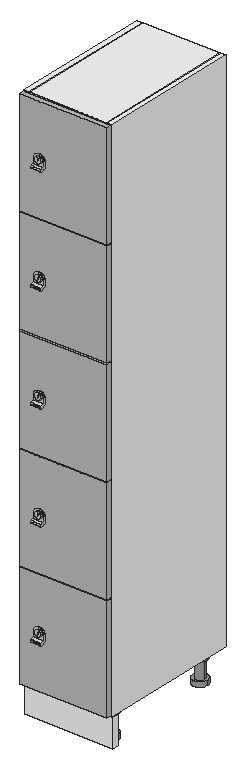
Revit family "1900H Locker Standard 5 Door", category Casework, Revit 2016
Family settings
  OmniClass Number = 23.40.35.00
  OmniClass Title = Casework
  Work Plane-Based = No
  Always vertical = Yes
  Cut with Voids When Loaded = No
  Shared = No
  Room Calculation Point = No
Parameters (values of type "LW319S5ABNP")
  WarrantyGuarantorParts = "www.bisley.com"  # constant formula
  WarrantyGuarantorLabour = "www.bisley.com"  # constant formula
  WarrantyDurationUnit = "Years"  # constant formula
  WarrantyDurationParts = "5"  # constant formula
  WarrantyDurationLabour = "5"  # constant formula
  WarrantyDescription = "5 Years Parts & Labour"  # constant formula
  Uniclass2015Version = "3.1"  # constant formula
  Uniclass2015Title = "Lockers"  # constant formula
  Uniclass2015Code = "Pr_40_30_78_48"  # constant formula
  URL = "www.bisley.com"
  SustainabilityPerformance = "FSC Approved"  # constant formula
  SerialNumber = ""
  NominalWidth = Width  # 300 mm
  NominalLength = Depth  # 500 mm
  NominalHeight = Height  # 1900 mm
  Name = "1900H Standard Door"  # constant formula
  NBSReference = "45-35-80/380"  # constant formula
  NBSDescription = "General fittings, furnishings and equipment system"  # constant formula
  ModelReference = "LW319S5ABNP"
  Model = "Lockerwall"  # constant formula
  Material = "MFC"  # constant formula
  ManufacturerURL = "www.bisley.com"  # constant formula
  Manufacturer = "Bisley"  # constant formula
  ManufactureName = "Bisley"  # constant formula
  M3 Lock = no
  Foot [instance] = Foot 100 : Foot 100
  Finish = "Matt"  # constant formula
  E4 Lock = no
  DurationUnit = "Years"  # constant formula
  Depth = 500 mm
  Height = 1900 mm
  Width = 300 mm
  Carcass Material = "MFC"  # constant formula
  Author = "Bisley"  # constant formula
  AssetType = "Fixed"  # constant formula
  AB Lock = yes
Types (19, lengths in mm): name | NominalWidth | ModelReference | M3 Lock | E4 Lock | Width | AB Lock
  (no name) | 300 | "LW319S5ABNP" | no | no | 300 | yes
  LW319S5ABNP | 300 | "LW319S5ABNP" | no | no | 300 | yes
  LW319S5ABUK | 300 | "LW319S5ABUK" | no | no | 300 | yes
  LW319S5E4NP | 300 | "LW319S5E4NP" | no | yes | 300 | no
  LW319S5E4UK | 300 | "LW319S5E4UK" | no | yes | 300 | no
  LW319S5M3NP | 300 | "LW319S5M3NP" | yes | no | 300 | no
  LW319S5M3UK | 300 | "LW319S5M3UK" | yes | no | 300 | no
  LW419S5ABNP | 400 | "LW419S5ABNP" | no | no | 400 | yes
  LW419S5ABUK | 400 | "LW419S5ABUK" | no | no | 400 | yes
  LW419S5E4NP | 400 | "LW419S5E4NP" | no | yes | 400 | no
  LW419S5E4UK | 400 | "LW419S5E4UK" | no | yes | 400 | no
  LW419S5M3NP | 400 | "LW419S5M3NP" | yes | no | 400 | no
  LW419S5M3UK | 400 | "LW419S5M3UK" | yes | no | 400 | no
  LW519S5ABNP | 500 | "LW519S5ABNP" | no | no | 500 | yes
  LW519S5ABUK | 500 | "LW519S5ABUK" | no | no | 500 | yes
  LW519S5E4NP | 500 | "LW519S5E4NP" | no | yes | 500 | no
  LW519S5E4UK | 500 | "LW519S5E4UK" | no | yes | 500 | no
  LW519S5M3NP | 500 | "LW519S5M3NP" | yes | no | 500 | no
  LW519S5M3UK | 500 | "LW519S5M3UK" | yes | no | 500 | no
Reference planes
  plane 1 "Back": y = 0
  plane 2: z = 0
  plane 3 "Center (Left/Right)": x = 44.7
  plane 4 "Front": y = -500
  plane 5 "Left": x = -105.3
  plane 6 "Right": x = 194.7
  plane 7 "Top": z = 1900
  plane 8 "Base": z = 98
  plane 9 "Base Left": x = -87.3
  plane 10 "Base Right": x = 176.7
  plane 11: y = -482
  plane 12: y = -10.5
  plane 13: y = -29.5
  plane 14 "Back Base": z = 110.5
  plane 15: z = 1887.5
  plane 16: z = 95
  plane 17 "Plinth": y = -477
  plane 18: y = -459
  plane 19: z = 101
  plane 20: z = 457
  plane 21: z = 461
  plane 22: z = 817
  plane 23: z = 821
  plane 24: z = 1177
  plane 25: x = -103.3
  plane 26: x = 192.7
  plane 27 "Shelf 2": z = 810
  plane 28 "Shelf 1": z = 450
  plane 29 "Shelf 3": z = 1170
  plane 30: z = 1181
  plane 31: z = 1537
  plane 32: z = 1528
  plane 33: z = 1541
  plane 34: z = 1897
Forms (mm)
  Extrusion 1, solid, not visible
    sketch origin (-1691.73, 346.204, -12) x (1, 0, 0) y (0, 0, 1)
      loop
        line (48, 12) -> (56, 12) -> (56, 20) -> (48, 20) -> (48, 12)
    from 0 to 26
  Extrusion 2, solid, not visible
    sketch origin (-1683.73, 346.204, -12) x (-1, 0, 0) y (0, 0, -1)
      loop
        line (48, -12) -> (48, -20) -> (56, -20) -> (56, -12) -> (48, -12)
    from 0 to 26
  Extrusion 3, solid, not visible
    sketch origin (-1687.73, 350.204, -3.997) x (0, 1, 0) y (0, 0, 1)
      loop
        line (-26, 3.997) -> (-26, 11.997) -> (-34, 11.997) -> (-34, 3.997) -> (-26, 3.997)
    from -52 to 52
  Extrusion 4, solid, material "MFC 1"
    sketch origin (0, 0, 0) x (1, 0, 0) y (0, 1, 0)
      loop
        line (-105.3, -482) -> (-87.3, -482) -> (-87.3, 0) -> (-105.3, 0) -> (-105.3, -482)
    from 98 to 1900
  Extrusion 5, solid, material "MFC 1"
    sketch origin (0, 0, 98) x (-1, 0, 0) y (0, -1, 0)
      loop
        line (-176.7, 482) -> (-194.7, 482) -> (-194.7, 0) -> (-176.7, 0) -> (-176.7, 482)
    from 0 to 1802
  Extrusion 6, solid, material "MFC 1"
    sketch origin (0, 0, 98) x (-1, 0, 0) y (0, -1, 0)
      loop
        line (87.3, 482) -> (-176.7, 482) -> (-176.7, 0) -> (87.3, 0) -> (87.3, 482)
    from 0 to 18
  Extrusion 7, void
    sketch origin (176.7, 0, 0) x (0, 1, 0) y (0, 0, 1)
      loop
        line (-29.5, 110.5) -> (-10.5, 110.5) -> (-10.5, 116) -> (-29.5, 116) -> (-29.5, 110.5)
    from 0 to -264
  Extrusion 8, solid, material "MFC 1"
    sketch origin (0, 0, 1540) x (0, -1, 0) y (1, 0, 0)
      loop
        line (482, -87.3) -> (482, 176.7) -> (0, 176.7) -> (0, -87.3) -> (482, -87.3)
    from 360 to 342
  Extrusion 9, void
    sketch origin (176.7, 0, 0) x (0, 1, 0) y (0, 0, 1)
      loop
        line (-29.5, 1884.5) -> (-10.5, 1884.5) -> (-10.5, 1887.5) -> (-29.5, 1887.5) -> (-29.5, 1884.5)
    from 0 to -264
  Extrusion 10, solid, material "MFC 1"
    sketch origin (0, 0, 110.5) x (0, -1, 0) y (1, 0, 0)
      loop
        line (29.5, -87.3) -> (29.5, 176.7) -> (10.5, 176.7) -> (10.5, -87.3) -> (29.5, -87.3)
    from 0 to 1777
  Extrusion 11, solid, material "MFC 1"
    sketch origin (0, 0, 0) x (1, 0, 0) y (0, 1, 0)
      loop
        line (-105.3, -477) -> (194.7, -477) -> (194.7, -459) -> (-105.3, -459) -> (-105.3, -477)
    from 0 to 95
  Extrusion 12, solid, material "MFC 2"
    sketch origin (0, -500, 0) x (1, 0, 0) y (0, 0, 1)
      loop
        line (-103.3, 821) -> (192.7, 821) -> (192.7, 1177) -> (-103.3, 1177) -> (-103.3, 821)
    from 0 to -18
  Extrusion 13, solid, material "MFC 2"
    sketch origin (0, -500, 0) x (1, 0, 0) y (0, 0, 1)
      loop
        line (-103.3, 461) -> (192.7, 461) -> (192.7, 817) -> (-103.3, 817) -> (-103.3, 461)
    from 0 to -18
  Extrusion 14, solid, material "MFC 2"
    sketch origin (0, -500, 0) x (1, 0, 0) y (0, 0, 1)
      loop
        line (-103.3, 101) -> (192.7, 101) -> (192.7, 457) -> (-103.3, 457) -> (-103.3, 101)
    from 0 to -18
  Extrusion 15, solid, material "MFC 1"
    sketch origin (0, 0, 450) x (-1, 0, 0) y (0, -1, 0)
      loop
        line (87.3, 482) -> (-176.7, 482) -> (-176.7, 29.5) -> (87.3, 29.5) -> (87.3, 482)
    from 0 to 18
  Extrusion 16, solid, material "MFC 1"
    sketch origin (0, 0, 810) x (-1, 0, 0) y (0, -1, 0)
      loop
        line (87.3, 482) -> (-176.7, 482) -> (-176.7, 29.5) -> (87.3, 29.5) -> (87.3, 482)
    from 0 to 18
  Extrusion 17, solid, material "MFC 1"
    sketch origin (0, 0, 1170) x (-1, 0, 0) y (0, -1, 0)
      loop
        line (87.3, 482) -> (-176.7, 482) -> (-176.7, 29.5) -> (87.3, 29.5) -> (87.3, 482)
    from 0 to 18
  Extrusion 18, solid, material "MFC 2"
    sketch origin (0, -500, 0) x (1, 0, 0) y (0, 0, 1)
      loop
        line (-103.3, 1181) -> (192.7, 1181) -> (192.7, 1537) -> (-103.3, 1537) -> (-103.3, 1181)
    from 0 to -18
  Extrusion 19, solid, material "MFC 1"
    sketch origin (0, 0, 1528) x (-1, 0, 0) y (0, -1, 0)
      loop
        line (87.3, 482) -> (-176.7, 482) -> (-176.7, 29.5) -> (87.3, 29.5) -> (87.3, 482)
    from 0 to 18
  Extrusion 20, solid, material "MFC 2"
    sketch origin (0, -500, 360) x (1, 0, 0) y (0, 0, 1)
      loop
        line (-103.3, 1181) -> (192.7, 1181) -> (192.7, 1537) -> (-103.3, 1537) -> (-103.3, 1181)
    from 0 to -18
Cuts and joins
  Extrusion 7, Extrusion 9 cuts Extrusion 5
  Extrusion 7 cuts Extrusion 6
  Extrusion 9 cuts Extrusion 4
  Extrusion 9 cuts Extrusion 8
Dimensions and locks
  "Width": plane 6 "Right" to plane 5 "Left"
  equal spacing: plane 6 "Right", plane 3 "Center (Left/Right)", plane 5 "Left"
  "Depth": plane 4 "Front" to plane 1 "Back"
  "Height": level to plane 7 "Top"
  locked: plane 5 "Left" to plane 9 "Base Left" at 18
  locked: plane 10 "Base Right" to plane 6 "Right" at 18
  locked: plane 7 "Top" to plane 15 at 12.5
  Extrusion 10 to plane 1 "Back" = 10.5 mm
  locked: nested 1 to plane 6 "Right" at 68
  locked: nested 2 to plane 6 "Right" at 68
  locked: plane 1 "Back" to nested 3 at 79.5
  locked: plane 11 to plane 4 "Front" at 18
  locked: plane 17 "Plinth" to plane 4 "Front" at 23
  locked: plane 18 to plane 4 "Front" at 41
  locked: nested 1 to plane 4 "Front" at 91
  locked: plane 5 "Left" to nested 4 at 68
  locked: plane 5 "Left" to nested 3 at 68
  locked: plane 4 "Front" to nested 4 at 91
  locked: plane 6 "Right" to plane 26 at 2
  locked: plane 25 to plane 5 "Left" at 2
  locked: plane 5 "Left" to nested 7 at 51
  locked: plane 5 "Left" to nested 6 at 51
  locked: plane 5 "Left" to nested 5 at 51
  locked: plane 5 "Left" to nested 10 at 40.5
  locked: plane 5 "Left" to nested 9 at 40.5
  locked: plane 5 "Left" to nested 8 at 40.5
  locked: plane 5 "Left" to nested 13 at 54.3
  locked: plane 5 "Left" to nested 12 at 54.3
  locked: plane 5 "Left" to nested 11 at 54.3
  locked: plane 5 "Left" to nested 16 at 40.5
  locked: plane 5 "Left" to nested 14 at 51
  locked: plane 5 "Left" to nested 15 at 54.3
  locked: plane 5 "Left" to nested 19 at 40.5
  locked: plane 5 "Left" to nested 17 at 51
  locked: plane 5 "Left" to nested 18 at 54.3
  aligned and locked: level to plane 2
  aligned and locked: Extrusion 4 sketch curve to plane 11
  aligned and locked: Extrusion 4 sketch curve to plane 5 "Left"
  aligned and locked: Extrusion 4 sketch curve to plane 1 "Back"
  aligned and locked: plane 9 "Base Left" to Extrusion 4 sketch curve
  aligned and locked: Extrusion 4 to plane 8 "Base"
  aligned and locked: Extrusion 4 to plane 7 "Top"
  aligned and locked: Extrusion 5 sketch curve to plane 11
  aligned and locked: Extrusion 5 sketch curve to plane 10 "Base Right"
  aligned and locked: Extrusion 5 sketch curve to plane 1 "Back"
  aligned and locked: plane 6 "Right" to Extrusion 5 sketch curve
  aligned and locked: Extrusion 5 to plane 7 "Top"
  aligned and locked: Extrusion 5 to plane 8 "Base"
  aligned and locked: Extrusion 4 to Extrusion 6 sketch curve
  aligned and locked: Extrusion 6 sketch curve to Extrusion 4
  aligned and locked: Extrusion 5 to Extrusion 6 sketch curve
  aligned and locked: Extrusion 6 sketch curve to Extrusion 5
  aligned and locked: plane 6 "Right" to Extrusion 5
  aligned and locked: Extrusion 7 to plane 9 "Base Left"
  aligned and locked: plane 10 "Base Right" to Extrusion 7
  aligned and locked: Extrusion 8 sketch curve to cut or joined group of Extrusion 6, Extrusion 7  (x2)
  aligned and locked: Extrusion 8 sketch curve to Extrusion 4
  aligned and locked: Extrusion 8 sketch curve to cut or joined group of Extrusion 5, Extrusion 7, Extrusion 9
  aligned and locked: plane 15 to Extrusion 9 sketch curve
  aligned and locked: Extrusion 10 sketch curve to cut or joined group of Extrusion 6, Extrusion 7  (x2)
  aligned and locked: cut or joined group of Extrusion 6, Extrusion 7 to Extrusion 10 sketch curve  (x2)
  aligned and locked: Extrusion 10 to plane 14 "Back Base"
  aligned and locked: plane 15 to Extrusion 10
  aligned and locked: Extrusion 9 to plane 9 "Base Left"
  aligned and locked: Extrusion 11 sketch curve to plane 17 "Plinth"
  aligned and locked: Extrusion 11 sketch curve to plane 5 "Left"
  aligned and locked: plane 18 to Extrusion 11 sketch curve
  aligned and locked: plane 6 "Right" to Extrusion 11 sketch curve
  aligned and locked: Extrusion 11 to plane 5 "Left"
  aligned and locked: plane 6 "Right" to Extrusion 11
  aligned and locked: Extrusion 5 to plane 11
  aligned and locked: Extrusion 4 to plane 11
  aligned and locked: Extrusion 12 to plane 25
  aligned and locked: plane 26 to Extrusion 12
  aligned and locked: Extrusion 12 to plane 23
  aligned and locked: plane 24 to Extrusion 12
  aligned and locked: Extrusion 13 sketch curve to plane 21
  aligned and locked: Extrusion 13 sketch curve to plane 25
  aligned and locked: plane 22 to Extrusion 13 sketch curve
  aligned and locked: plane 26 to Extrusion 13 sketch curve
  aligned and locked: Extrusion 14 sketch curve to plane 19
  aligned and locked: Extrusion 14 sketch curve to plane 25
  aligned and locked: plane 20 to Extrusion 14 sketch curve
  aligned and locked: plane 26 to Extrusion 14 sketch curve
  aligned and locked: Extrusion 15 sketch curve to cut or joined group of Extrusion 6, Extrusion 7  (x2)
  aligned and locked: cut or joined group of Extrusion 6, Extrusion 7 to Extrusion 15 sketch curve
  aligned and locked: nested 2 to Extrusion 15 sketch curve
  aligned and locked: Extrusion 16 sketch curve to cut or joined group of Extrusion 6, Extrusion 7  (x2)
  aligned and locked: cut or joined group of Extrusion 6, Extrusion 7 to Extrusion 16 sketch curve
  aligned and locked: nested 2 to Extrusion 16 sketch curve
  aligned and locked: Extrusion 8 to plane 7 "Top"
  aligned and locked: Extrusion 17 sketch curve to cut or joined group of Extrusion 6, Extrusion 7  (x2)
  aligned and locked: cut or joined group of Extrusion 6, Extrusion 7 to Extrusion 17 sketch curve
  aligned and locked: nested 2 to Extrusion 17 sketch curve
  aligned and locked: Extrusion 18 sketch curve to plane 30
  aligned and locked: Extrusion 18 sketch curve to plane 25
  aligned and locked: plane 31 to Extrusion 18 sketch curve
  aligned and locked: plane 26 to Extrusion 18 sketch curve
  aligned and locked: cut or joined group of Extrusion 5, Extrusion 7, Extrusion 9 to Extrusion 8
  aligned and locked: Extrusion 20 sketch curve to plane 33
  aligned and locked: plane 34 to Extrusion 20 sketch curve
Automatic sketch dimensions
  Extrusion 1 sketch curve to Extrusion 1 sketch curve = 8 mm  (x2)
  Extrusion 2 sketch curve to Extrusion 2 sketch curve = 8 mm  (x2)
  Extrusion 3 sketch curve to Extrusion 3 sketch curve = 8 mm  (x2)
  Extrusion 7 sketch curve to plane 13 = 0 mm
  Extrusion 7 sketch curve to plane 12 = 0 mm
  Extrusion 7 sketch curve to plane 14 "Back Base" = 0 mm
  Extrusion 7 sketch curve to Extrusion 7 sketch curve = 5.5 mm
  Extrusion 9 sketch curve to plane 13 = 0 mm
  Extrusion 9 sketch curve to plane 12 = 0 mm
  Extrusion 9 sketch curve to plane 15 = 3 mm
  Extrusion 12 sketch curve to plane 24 = 0 mm
  Extrusion 12 sketch curve to plane 25 = 0 mm
  Extrusion 12 sketch curve to plane 26 = 0 mm
  Extrusion 12 sketch curve to plane 23 = 0 mm
  Extrusion 19 sketch curve to plane 10 "Base Right" = 0 mm
  Extrusion 19 sketch curve to plane 9 "Base Left" = 0 mm
  Extrusion 19 sketch curve to plane 13 = 0 mm
  Extrusion 19 sketch curve to plane 11 = 0 mm
  Extrusion 20 sketch curve to plane 25 = 0 mm
  Extrusion 20 sketch curve to plane 26 = 0 mm
Nested families
  nested 1: "Foot 100" at (196.401, -409, 0) x (-1, 0, 0) z (0, 0, 1), type "Foot 100"
  nested 2: "Foot 100" at (196.401, -29.5, 0) x (-1, 0, 0) z (0, 0, 1), type "Foot 100"
  nested 3: "Foot 100" at (-107, -29.5, 0), type "Foot 100"
  nested 4: "Foot 100" at (-107, -409, 0), type "Foot 100"
  nested 5: "AB Lock" at (-82, -500, 253), visible <- "AB Lock", type "AB Lock"
  nested 6: "AB Lock" at (-82, -500, 613), visible <- "AB Lock", type "AB Lock"
  nested 7: "AB Lock" at (-82, -500, 973), visible <- "AB Lock", type "AB Lock"
  nested 8: "M3 Lock" at (-93, -500, 256), visible <- "M3 Lock", type "M3 Lock"
  nested 9: "M3 Lock" at (-93, -500, 616), visible <- "M3 Lock", type "M3 Lock"
  nested 10: "M3 Lock" at (-93, -500, 976), visible <- "M3 Lock", type "M3 Lock"
  nested 11: "E4 Lock" at (-83, -500, 265), visible <- "E4 Lock", type "E4 Lock"
  nested 12: "E4 Lock" at (-83, -500, 625), visible <- "E4 Lock", type "E4 Lock"
  nested 13: "E4 Lock" at (-83, -500, 985), visible <- "E4 Lock", type "E4 Lock"
  nested 14: "AB Lock" at (-82, -500, 1333), visible <- "AB Lock", type "AB Lock"
  nested 15: "E4 Lock" at (-83, -500, 1345), visible <- "E4 Lock", type "E4 Lock"
  nested 16: "M3 Lock" at (-93, -500, 1336), visible <- "M3 Lock", type "M3 Lock"
  nested 17: "AB Lock" at (-82, -500, 1693), visible <- "AB Lock", type "AB Lock"
  nested 18: "E4 Lock" at (-83, -500, 1705), visible <- "E4 Lock", type "E4 Lock"
  nested 19: "M3 Lock" at (-93, -500, 1696), visible <- "M3 Lock", type "M3 Lock"
Definition of nested family "Foot 100"
  Parameters (values of type "Foot 100")
    WarrantyGuarantorParts = "www.bisley.com"  # constant formula
    WarrantyGuarantorLabour = "www.bisley.com"  # constant formula
    WarrantyDurationUnit = "Years"  # constant formula
    WarrantyDurationParts = "5"  # constant formula
    WarrantyDurationLabour = "5"  # constant formula
    WarrantyDescription = "5 Years Parts & Labour"  # constant formula
    Uniclass2015Version = ""
    Uniclass2015Title = ""
    Uniclass2015Code = ""
    URL = "www.bisley.com"
    SustainabilityPerformance = "FSC Approved"  # constant formula
    SerialNumber = ""
    NominalWidth = Width  # 50 mm
    NominalLength = Depth  # 50 mm
    NominalHeight = Height  # 900 mm
    Name = ""
    NBSReference = ""
    NBSDescription = "General fittings, furnishings and equipment system"  # constant formula
    ModelReference = ""
    Model = "Abode"  # constant formula
    Material = "MFC"  # constant formula
    ManufacturerURL = "www.bisley.com"  # constant formula
    Manufacturer = "Bisley"  # constant formula
    ManufactureName = "Bisley"  # constant formula
    Finish = "Matt"  # constant formula
    ExpectedLife = "25"  # constant formula
    DurationUnit = "Years"  # constant formula
    Depth = 50 mm
    Height = 900 mm
    Width = 50 mm
    Carcass Material = "MFC"  # constant formula
    Author = "Bisley"  # constant formula
    AssetType = "Fixed"  # constant formula
  Reference planes
    plane 1 "Back": y = 0
    plane 2: z = 0
    plane 3 "Center (Left/Right)": x = 44.7
    plane 4 "Front": y = -50
    plane 5 "Left": x = 19.7
    plane 6 "Right": x = 69.7
    plane 7 "Top": z = 900
    plane 8: y = -25
    plane 9 "Foot top": z = 98
    plane 10: y = 0
    plane 11: y = -50
    plane 12: x = 19.7
    plane 13: x = 69.7
    plane 14: x = 24.7
    plane 15: y = -5
  Forms (mm)
    Extrusion 1, solid, not visible
      sketch origin (-1691.73, 346.204, -12) x (1, 0, 0) y (0, 0, 1)
        loop
          line (48, 12) -> (56, 12) -> (56, 20) -> (48, 20) -> (48, 12)
      from 0 to 26
    Extrusion 2, solid, not visible
      sketch origin (-1683.73, 346.204, -12) x (-1, 0, 0) y (0, 0, -1)
        loop
          line (48, -12) -> (48, -20) -> (56, -20) -> (56, -12) -> (48, -12)
      from 0 to 26
    Extrusion 3, solid, not visible
      sketch origin (-1687.73, 350.204, -3.997) x (0, 1, 0) y (0, 0, 1)
        loop
          line (-26, 3.997) -> (-26, 11.997) -> (-34, 11.997) -> (-34, 3.997) -> (-26, 3.997)
      from -52 to 52
    Extrusion 4, solid
      sketch origin (0, 275, 0) x (1, 0, 0) y (0, 1, 0)
        loop
          circle (44.7, -300) r 25
      from 0 to 15
    Extrusion 5, solid
      sketch origin (0, 275, 0) x (1, 0, 0) y (0, 1, 0)
        loop
          circle (44.7, -300) r 15
      from 15 to 78
    Extrusion 6, solid
      sketch origin (0, 275, 0) x (1, 0, 0) y (0, 1, 0)
        loop
          circle (44.7, -300) r 25
      from 78 to 98
    Extrusion 7, solid
      sketch origin (0, 275, 98) x (-1, 0, 0) y (0, -1, 0)
        loop
          line (-19.7, 325) -> (-69.7, 325) -> (-69.7, 275) -> (-19.7, 275) -> (-19.7, 325)
      from 0 to -10
    Extrusion 8, void
      sketch origin (0, 275, 98) x (-1, 0, 0) y (0, -1, 0)
        loop
          circle (-24.7, 280) r 2.5
      from 0 to -10
    Extrusion 9, void
      sketch origin (89.401, 275, 98) x (1, 0, 0) y (0, 1, 0)
        loop
          circle (-24.7, -280) r 2.5
      from 0 to -10
    Extrusion 10, void
      sketch origin (0, -325, 98) x (-1, 0, 0) y (0, -1, 0)
        loop
          circle (-24.7, -280) r 2.5
      from 0 to -10
    Extrusion 11, void
      sketch origin (89.401, -325, 98) x (1, 0, 0) y (0, 1, 0)
        loop
          circle (-24.7, 280) r 2.5
      from 0 to -10
  Cuts and joins
    Extrusion 8, Extrusion 9, Extrusion 10, Extrusion 11 cuts Extrusion 4
    Extrusion 8, Extrusion 9, Extrusion 10, Extrusion 11 cuts Extrusion 5
    Extrusion 8, Extrusion 9, Extrusion 10, Extrusion 11 cuts Extrusion 6
    Extrusion 8, Extrusion 9, Extrusion 10, Extrusion 11 cuts Extrusion 7
    joined: Extrusion 4, Extrusion 5, Extrusion 6, Extrusion 7
  Dimensions and locks
    "Width": plane 6 "Right" to plane 5 "Left"
    equal spacing: plane 6 "Right", plane 3 "Center (Left/Right)", plane 5 "Left"
    "Depth": plane 4 "Front" to plane 1 "Back"
    "Height": level to plane 7 "Top"
    aligned and locked: level to plane 2
    aligned and locked: Extrusion 5 to Extrusion 4
    aligned and locked: Extrusion 4 to level
    aligned and locked: Extrusion 6 to Extrusion 5
    aligned and locked: plane 9 "Foot top" to Extrusion 6
  Automatic sketch dimensions
    Extrusion 1 sketch curve to Extrusion 1 sketch curve = 8 mm  (x2)
    Extrusion 2 sketch curve to Extrusion 2 sketch curve = 8 mm  (x2)
    Extrusion 3 sketch curve to Extrusion 3 sketch curve = 8 mm  (x2)
    Extrusion 4 sketch curve to plane 3 "Center (Left/Right)" = 0 mm
    plane 8 to Extrusion 4 sketch curve = 0 mm
    Extrusion 5 sketch curve to plane 3 "Center (Left/Right)" = 0 mm
    plane 8 to Extrusion 5 sketch curve = 0 mm
    Extrusion 6 sketch curve to plane 3 "Center (Left/Right)" = 0 mm
    plane 8 to Extrusion 6 sketch curve = 0 mm
    Extrusion 7 sketch curve to plane 11 = 0 mm
    Extrusion 7 sketch curve to plane 13 = 0 mm
    plane 10 to Extrusion 7 sketch curve = 0 mm
    Extrusion 7 sketch curve to plane 12 = 0 mm
    Extrusion 8 sketch curve to plane 14 = 0 mm
    Extrusion 8 sketch curve to plane 15 = 0 mm
    plane 15 to Extrusion 9 sketch curve = 0 mm
    plane 13 to Extrusion 9 sketch curve = 5 mm
    Extrusion 10 sketch curve to plane 14 = 0 mm
    Extrusion 10 sketch curve to plane 11 = 5 mm
    Extrusion 11 sketch curve to plane 13 = 5 mm
    plane 11 to Extrusion 11 sketch curve = 5 mm
    radius of Extrusion 4 sketch curve = 25 mm
    radius of Extrusion 5 sketch curve = 15 mm
    radius of Extrusion 6 sketch curve = 25 mm
    radius of Extrusion 8 sketch curve = 2.5 mm
    radius of Extrusion 9 sketch curve = 2.5 mm
    radius of Extrusion 10 sketch curve = 2.5 mm
    radius of Extrusion 11 sketch curve = 2.5 mm
Definition of nested family "AB Lock"
  Parameters (values of type "AB Lock")
    WarrantyGuarantorParts = "www.bisley.com"  # constant formula
    WarrantyGuarantorLabour = "www.bisley.com"  # constant formula
    WarrantyDurationUnit = "Years"  # constant formula
    WarrantyDurationParts = "5"  # constant formula
    WarrantyDurationLabour = "5"  # constant formula
    WarrantyDescription = "5 Years Parts & Labour"  # constant formula
    Uniclass2015Version = ""
    Uniclass2015Title = ""
    Uniclass2015Code = ""
    URL = "www.bisley.com"
    SustainabilityPerformance = "FSC Approved"  # constant formula
    SerialNumber = ""
    NominalWidth = Width  # 34 mm
    NominalLength = Depth  # 15 mm
    NominalHeight = Height  # 45 mm
    Name = ""
    NBSReference = ""
    NBSDescription = "General fittings, furnishings and equipment system"  # constant formula
    ModelReference = ""
    Model = "Abode"  # constant formula
    Material = "MFC"  # constant formula
    ManufacturerURL = "www.bisley.com"  # constant formula
    Manufacturer = "Bisley"  # constant formula
    ManufactureName = "Bisley"  # constant formula
    Finish = "Matt"  # constant formula
    ExpectedLife = "25"  # constant formula
    DurationUnit = "Years"  # constant formula
    Depth = 15 mm
    Height = 45 mm
    Width = 34 mm
    Carcass Material = "MFC"  # constant formula
    Author = "Bisley"  # constant formula
    AssetType = "Fixed"  # constant formula
  Reference planes
    plane 1 "Back": y = 0
    plane 2: z = 0
    plane 3 "Center (Left/Right)": x = 44.7
    plane 4 "Front": y = -15
    plane 5 "Left": x = 27.7
    plane 6 "Right": x = 61.7
    plane 7 "Top": z = 45
    plane 8: z = 28
    plane 9: z = 3
    plane 10: x = 31.2
    plane 11: x = 58.2
    plane 12: z = 6
    plane 13: y = -12
    plane 14: z = 10
    plane 15 "Lockback": y = -3
    plane 16: x = 43.2
    plane 17: x = 46.2
    plane 18: z = 32
    plane 19: z = 24
  Forms (mm)
    Extrusion 1, solid, not visible
      sketch origin (-1691.73, 346.204, -12) x (1, 0, 0) y (0, 0, 1)
        loop
          line (48, 12) -> (56, 12) -> (56, 20) -> (48, 20) -> (48, 12)
      from 0 to 26
    Extrusion 2, solid, not visible
      sketch origin (-1683.73, 346.204, -12) x (-1, 0, 0) y (0, 0, -1)
        loop
          line (48, -12) -> (48, -20) -> (56, -20) -> (56, -12) -> (48, -12)
      from 0 to 26
    Extrusion 3, solid, not visible
      sketch origin (-1687.73, 350.204, -3.997) x (0, 1, 0) y (0, 0, 1)
        loop
          line (-26, 3.997) -> (-26, 11.997) -> (-34, 11.997) -> (-34, 3.997) -> (-26, 3.997)
      from -52 to 52
    Extrusion 4, solid
      sketch origin (0, 0, 0) x (1, 0, 0) y (0, 0, 1)
        loop
          line (27.7, 28) -> (27.7, 6) -> (61.7, 6) -> (61.7, 28)
          arc (61.7, 28) -> (44.7, 45) -> (27.7, 28) r 17
      from 0 to 3
    Extrusion 5, solid
      sketch origin (27.7, 0, 0) x (0, 1, 0) y (0, 0, 1)
        loop
          circle (-12, 3) r 3
      from 0 to 34
    Extrusion 6, solid
      sketch origin (27.7, 0, 0) x (0, 1, 0) y (0, 0, 1)
        loop
          line (0, 6) -> (-3, 10)
          arc (-3, 10) -> (-7.815, 8.71) -> (-12, 6) r 16
          arc (-12, 6) -> (-9.879, 5.121) -> (-9, 3) r 3
          arc (-9, 3) -> (-4.809, 5.427) -> (0, 6) r 12
      from 0 to 34
    Extrusion 7, void
      sketch origin (27.7, 0, 0) x (0, 1, 0) y (0, 0, 1)
        loop
          line (-3, 10) -> (-3, 6) -> (0, 6) -> (-3, 10)
      from 0 to 34
    Extrusion 8, solid
      sketch origin (0, -3, 0) x (-1, 0, 0) y (0, 0, 1)
        loop
          circle (-44.7, 28) r 10.5
      from 0 to -3
    Extrusion 9, void
      sketch origin (0, -3, 0) x (-1, 0, 0) y (0, 0, 1)
        loop
          line (-43.2, 24) -> (-43.2, 32) -> (-46.2, 32) -> (-46.2, 24) -> (-43.2, 24)
      from 0 to -3
  Cuts and joins
    Extrusion 7, Extrusion 9 cuts Extrusion 4
    Extrusion 9 cuts Extrusion 5
    Extrusion 9 cuts Extrusion 6
    joined: Extrusion 4, Extrusion 5, Extrusion 6
    Extrusion 9 cuts Extrusion 8
  Lines and regions (mm)
    reference lines
      curve 1: arc (27.7, 0, 6) -> (27.7, -4.809, 5.427) -> (27.7, -9, 3) r 12
      curve 2: arc (27.7, -3, 10) -> (27.7, -7.815, 8.71) -> (27.7, -12, 6) r 16
  Dimensions and locks
    "Width": plane 6 "Right" to plane 5 "Left"
    equal spacing: plane 6 "Right", plane 3 "Center (Left/Right)", plane 5 "Left"
    "Depth": plane 4 "Front" to plane 1 "Back"
    "Height": level to plane 7 "Top"
    aligned and locked: level to plane 2
  Automatic sketch dimensions
    Extrusion 1 sketch curve to Extrusion 1 sketch curve = 8 mm  (x2)
    Extrusion 2 sketch curve to Extrusion 2 sketch curve = 8 mm  (x2)
    Extrusion 3 sketch curve to Extrusion 3 sketch curve = 8 mm  (x2)
    Extrusion 4 sketch curve to plane 5 "Left" = 0 mm
    Extrusion 4 sketch curve to plane 6 "Right" = 0 mm
    Extrusion 4 sketch curve to plane 12 = 0 mm
    Extrusion 4 sketch curve to plane 8 = 0 mm
    Extrusion 5 sketch curve to plane 9 = 0 mm
    Extrusion 5 sketch curve to plane 13 = 0 mm
    curve 2 to plane 12 = 0 mm
    curve 2 to plane 13 = 0 mm
    curve 1 to plane 9 = 0 mm
    plane 14 to curve 2 = 0 mm
    curve 1 to plane 1 "Back" = 0 mm
    curve 1 to plane 12 = 0 mm
    plane 1 "Back" to curve 2 = 1.317 mm
    curve 2 to curve 1 = 0.303 mm
    curve 2 to level = 5.911 mm
    curve 1 to curve 2 = 0.046 mm
    Extrusion 6 sketch curve to plane 12 = 0 mm  (x2)
    Extrusion 6 sketch curve to plane 13 = 0 mm
    Extrusion 6 sketch curve to plane 9 = 0 mm
    plane 14 to Extrusion 6 sketch curve = 0 mm
    Extrusion 6 sketch curve to plane 1 "Back" = 0 mm
    plane 1 "Back" to Extrusion 6 sketch curve = 3 mm
    plane 1 "Back" to Extrusion 6 sketch curve = 1.317 mm
    Extrusion 6 sketch curve to Extrusion 6 sketch curve = 0.303 mm
    Extrusion 7 sketch curve to plane 12 = 0 mm
    plane 14 to Extrusion 7 sketch curve = 0 mm
    Extrusion 7 sketch curve to plane 1 "Back" = 0 mm
    plane 1 "Back" to Extrusion 7 sketch curve = 3 mm
    Extrusion 8 sketch curve to plane 3 "Center (Left/Right)" = 0 mm
    Extrusion 8 sketch curve to plane 8 = 0 mm
    Extrusion 9 sketch curve to plane 17 = 0 mm
    Extrusion 9 sketch curve to plane 16 = 0 mm
    Extrusion 9 sketch curve to plane 19 = 0 mm
    Extrusion 9 sketch curve to plane 18 = 0 mm
    radius of Extrusion 5 sketch curve = 3 mm
    radius of Extrusion 8 sketch curve = 10.5 mm
Definition of nested family "M3 Lock"
  Parameters (values of type "M3 Lock")
    WarrantyGuarantorParts = "www.bisley.com"  # constant formula
    WarrantyGuarantorLabour = "www.bisley.com"  # constant formula
    WarrantyDurationUnit = "Years"  # constant formula
    WarrantyDurationParts = "5"  # constant formula
    WarrantyDurationLabour = "5"  # constant formula
    WarrantyDescription = "5 Years Parts & Labour"  # constant formula
    Uniclass2015Version = ""
    Uniclass2015Title = ""
    Uniclass2015Code = ""
    URL = "www.bisley.com"
    SustainabilityPerformance = "FSC Approved"  # constant formula
    SerialNumber = ""
    NominalWidth = Width  # 33 mm
    NominalLength = Depth  # 21.5 mm
    NominalHeight = Height  # 83.5 mm
    Name = ""
    NBSReference = ""
    NBSDescription = "General fittings, furnishings and equipment system"  # constant formula
    ModelReference = ""
    Model = "Abode"  # constant formula
    Material = "MFC"  # constant formula
    ManufacturerURL = "www.bisley.com"  # constant formula
    Manufacturer = "Bisley"  # constant formula
    ManufactureName = "Bisley"  # constant formula
    Finish = "Matt"  # constant formula
    ExpectedLife = "25"  # constant formula
    DurationUnit = "Years"  # constant formula
    Depth = 21.5 mm
    Height = 83.5 mm
    Width = 33 mm
    Carcass Material = "MFC"  # constant formula
    Author = "Bisley"  # constant formula
    AssetType = "Fixed"  # constant formula
  Reference planes
    plane 1 "Back": y = 0
    plane 2: z = 0
    plane 3 "Center (Left/Right)": x = 44.7
    plane 4 "Front": y = -21.5
    plane 5 "Left": x = 28.2
    plane 6 "Right": x = 61.2
    plane 7 "Top": z = 83.5
    plane 8 "BackFront": y = -3.045
    plane 9: x = 32.2
    plane 10: z = 79.5
    plane 11: x = 57.2
    plane 12: z = 4
    plane 13: x = 32.2
    plane 14: x = 57.2
    plane 15 "Barrel Base": z = 30.5
    plane 16: x = 40.5
    plane 17: x = 48.9
    plane 18: y = -4.445
    plane 19: z = 74.5
    plane 20 "L4": z = 69.8
    plane 21: z = 64.9
    plane 22 "L3": z = 60.2
    plane 23: z = 55.3
    plane 24 "L2": z = 50.6
    plane 25: z = 45.7
    plane 26 "L1": z = 41
    plane 27: x = 38.2
    plane 28: x = 51.2
    plane 29: y = -4.945
    plane 30: z = 40.5
    plane 31 "l-1": z = 38.5
    plane 32: z = 16
    plane 33: y = -9.045
    plane 34 "Thumbturn": y = -19.5
    plane 35: x = 43.2
    plane 36: x = 46.2
    plane 37: z = 20
    plane 38: z = 12
  Forms (mm)
    Extrusion 1, solid, not visible
      sketch origin (-1691.73, 346.204, -12) x (1, 0, 0) y (0, 0, 1)
        loop
          line (48, 12) -> (56, 12) -> (56, 20) -> (48, 20) -> (48, 12)
      from 0 to 26
    Extrusion 2, solid, not visible
      sketch origin (-1683.73, 346.204, -12) x (-1, 0, 0) y (0, 0, -1)
        loop
          line (48, -12) -> (48, -20) -> (56, -20) -> (56, -12) -> (48, -12)
      from 0 to 26
    Extrusion 3, solid, not visible
      sketch origin (-1687.73, 350.204, -3.997) x (0, 1, 0) y (0, 0, 1)
        loop
          line (-26, 3.997) -> (-26, 11.997) -> (-34, 11.997) -> (-34, 3.997) -> (-26, 3.997)
      from -52 to 52
    Extrusion 4, solid
      sketch origin (0, 0, 0) x (1, 0, 0) y (0, 0, 1)
        loop
          line (28.2, 0) -> (61.2, 0) -> (61.2, 83.5) -> (28.2, 83.5) -> (28.2, 0)
      from 0 to 3
    Extrusion 5, void
      sketch origin (0, 0, 0) x (1, 0, 0) y (0, 0, 1)
        loop
          arc (28.2, 79.5) -> (29.372, 82.328) -> (32.2, 83.5) r 4
          line (32.2, 83.5) -> (28.2, 83.5) -> (28.2, 79.5)
      from 0 to 3
    Extrusion 6, void
      sketch origin (0, 0, 0) x (1, 0, 0) y (0, 0, 1)
        loop
          arc (57.2, 83.5) -> (60.029, 82.328) -> (61.2, 79.5) r 4
          line (61.2, 79.5) -> (61.2, 83.5) -> (57.2, 83.5)
      from 0 to 3
    Extrusion 7, void
      sketch origin (0, 0, 0) x (1, 0, 0) y (0, 0, 1)
        loop
          arc (32.2, 0) -> (29.372, 1.172) -> (28.2, 4) r 4
          line (28.2, 4) -> (28.2, 0) -> (32.2, 0)
      from 0 to 3
    Extrusion 8, void
      sketch origin (0, 0, 0) x (1, 0, 0) y (0, 0, 1)
        loop
          line (57.2, 0) -> (61.2, 0) -> (61.2, 4)
          arc (61.2, 4) -> (60.029, 1.172) -> (57.2, 0) r 4
      from 0 to 3
    Extrusion 9, solid
      sketch origin (0, 0, 30.5) x (-1, 0, 0) y (0, -1, 0)
        loop
          arc (-40.5, 3) -> (-44.7, 4.445) -> (-48.9, 3) r 6.827
          line (-48.9, 3) -> (-40.5, 3)
      from 0 to 49
    Extrusion 10, solid
      sketch origin (0, 0, 41) x (-1, 0, 0) y (0, -1, 0)
        loop
          arc (-38.2, 3) -> (-44.7, 4.945) -> (-51.2, 3) r 11.835
          line (-51.2, 3) -> (-38.2, 3)
      from 0 to 4.7
    Extrusion 11, solid
      sketch origin (0, 0, 50.6) x (-1, 0, 0) y (0, -1, 0)
        loop
          arc (-38.2, 3) -> (-44.7, 4.945) -> (-51.2, 3) r 11.835
          line (-51.2, 3) -> (-38.2, 3)
      from 0 to 4.7
    Extrusion 12, solid
      sketch origin (0, 0, 60.2) x (-1, 0, 0) y (0, -1, 0)
        loop
          arc (-38.2, 3) -> (-44.7, 4.945) -> (-51.2, 3) r 11.835
          line (-51.2, 3) -> (-38.2, 3)
      from 0 to 4.7
    Extrusion 13, solid
      sketch origin (0, 0, 69.8) x (-1, 0, 0) y (0, -1, 0)
        loop
          arc (-38.2, 3) -> (-44.7, 4.945) -> (-51.2, 3) r 11.835
          line (-51.2, 3) -> (-38.2, 3)
      from 0 to 4.7
    Extrusion 14, solid
      sketch origin (0, 0, 38.5) x (-1, 0, 0) y (0, -1, 0)
        loop
          arc (-38.2, 3) -> (-44.7, 4.945) -> (-51.2, 3) r 11.835
          line (-51.2, 3) -> (-38.2, 3)
      from 0 to 2
    Extrusion 15, solid
      sketch origin (0, -3.045, 0) x (-1, 0, 0) y (0, 0, 1)
        loop
          circle (-44.7, 16) r 14.25
      from 0 to -4
    Extrusion 16, solid
      sketch origin (0, -3.045, 0) x (-1, 0, 0) y (0, 0, 1)
        loop
          circle (-44.7, 16) r 12.7
      from 0 to -18.455
    Extrusion 17, void
      sketch origin (0, -21.5, 0) x (1, 0, 0) y (0, 0, 1)
        loop
          circle (44.7, 16) r 7.362
      from 0 to -1
    Extrusion 18, solid
      sketch origin (0, -21.5, 0) x (1, 0, 0) y (0, 0, 1)
        loop
          line (40.5, 29.617) -> (40.5, 27.985)
          arc (40.5, 27.985) -> (44.7, 28.7) -> (48.9, 27.985) r 12.7
          line (48.9, 27.985) -> (48.9, 29.617)
          arc (48.9, 29.617) -> (44.7, 30.25) -> (40.5, 29.617) r 14.25
      from 0 to -14.5
    Extrusion 19, solid
      sketch origin (0, -20.483, 0) x (1, 0, 0) y (0, 0, 1)
        loop
          circle (44.7, 16) r 13.48
      from 0 to -1.5
    Extrusion 20, void
      sketch origin (0, -21.5, 0) x (1, 0, 0) y (0, 0, 1)
        loop
          line (43.2, 12) -> (46.2, 12) -> (46.2, 20) -> (43.2, 20) -> (43.2, 12)
      from 0 to -10.5
  Cuts and joins
    Extrusion 5, Extrusion 6, Extrusion 7, Extrusion 8, Extrusion 17, Extrusion 20 cuts Extrusion 4
    Extrusion 17, Extrusion 20 cuts Extrusion 9
    Extrusion 17, Extrusion 20 cuts Extrusion 10
    Extrusion 17, Extrusion 20 cuts Extrusion 11
    Extrusion 17, Extrusion 20 cuts Extrusion 12
    Extrusion 17, Extrusion 20 cuts Extrusion 13
    Extrusion 17, Extrusion 20 cuts Extrusion 14
    Extrusion 17, Extrusion 20 cuts Extrusion 15
    Extrusion 17, Extrusion 20 cuts Extrusion 16
    Extrusion 20 cuts Extrusion 18
    Extrusion 20 cuts Extrusion 19
    joined: Extrusion 4, Extrusion 9, Extrusion 10, Extrusion 11, Extrusion 12, Extrusion 13, Extrusion 14, Extrusion 15, Extrusion 16, Extrusion 18, Extrusion 19
  Dimensions and locks
    "Width": plane 6 "Right" to plane 5 "Left"
    equal spacing: plane 6 "Right", plane 3 "Center (Left/Right)", plane 5 "Left"
    "Depth": plane 4 "Front" to plane 1 "Back"
    "Height": level to plane 7 "Top"
    aligned and locked: level to plane 2
    aligned and locked: plane 10 to Extrusion 9
    aligned and locked: Extrusion 9 to plane 15 "Barrel Base"
    aligned and locked: Extrusion 4 to plane 7 "Top"
    aligned and locked: plane 6 "Right" to Extrusion 4
    aligned and locked: Extrusion 4 to plane 5 "Left"
    aligned and locked: Extrusion 4 to level
  Automatic sketch dimensions
    Extrusion 1 sketch curve to Extrusion 1 sketch curve = 8 mm  (x2)
    Extrusion 2 sketch curve to Extrusion 2 sketch curve = 8 mm  (x2)
    Extrusion 3 sketch curve to Extrusion 3 sketch curve = 8 mm  (x2)
    Extrusion 4 sketch curve to plane 5 "Left" = 0 mm
    Extrusion 4 sketch curve to plane 6 "Right" = 0 mm
    Extrusion 4 sketch curve to level = 0 mm
    Extrusion 4 sketch curve to plane 7 "Top" = 0 mm
    Extrusion 5 sketch curve to plane 7 "Top" = 0 mm
    Extrusion 5 sketch curve to plane 9 = 0 mm
    Extrusion 5 sketch curve to plane 10 = 0 mm
    Extrusion 6 sketch curve to plane 7 "Top" = 0 mm  (x2)
    Extrusion 6 sketch curve to plane 11 = 0 mm
    Extrusion 6 sketch curve to plane 6 "Right" = 0 mm
    Extrusion 6 sketch curve to plane 10 = 0 mm
    Extrusion 7 sketch curve to level = 0 mm
    Extrusion 7 sketch curve to plane 5 "Left" = 0 mm
    plane 9 to Extrusion 7 sketch curve = 0 mm  (x2)
    Extrusion 7 sketch curve to plane 12 = 0 mm
    Extrusion 8 sketch curve to level = 0 mm
    plane 11 to Extrusion 8 sketch curve = 0 mm
    Extrusion 8 sketch curve to plane 12 = 0 mm
    Extrusion 9 sketch curve to plane 17 = 0 mm
    Extrusion 9 sketch curve to plane 16 = 0 mm
    Extrusion 9 sketch curve to plane 1 "Back" = 2.382 mm
    plane 8 "BackFront" to Extrusion 9 sketch curve = 0.045 mm
    Extrusion 10 sketch curve to plane 28 = 0 mm
    Extrusion 10 sketch curve to plane 27 = 0 mm
    Extrusion 10 sketch curve to plane 1 "Back" = 6.89 mm
    plane 8 "BackFront" to Extrusion 10 sketch curve = 0.045 mm
    Extrusion 11 sketch curve to plane 28 = 0 mm
    Extrusion 11 sketch curve to plane 27 = 0 mm
    Extrusion 11 sketch curve to plane 1 "Back" = 6.89 mm
    plane 8 "BackFront" to Extrusion 11 sketch curve = 0.045 mm
    Extrusion 12 sketch curve to plane 28 = 0 mm
    Extrusion 12 sketch curve to plane 27 = 0 mm
    Extrusion 12 sketch curve to plane 1 "Back" = 6.89 mm
    plane 8 "BackFront" to Extrusion 12 sketch curve = 0.045 mm
    Extrusion 13 sketch curve to plane 28 = 0 mm
    Extrusion 13 sketch curve to plane 27 = 0 mm
    Extrusion 13 sketch curve to plane 1 "Back" = 6.89 mm
    plane 8 "BackFront" to Extrusion 13 sketch curve = 0.045 mm
    Extrusion 14 sketch curve to plane 28 = 0 mm
    Extrusion 14 sketch curve to plane 27 = 0 mm
    Extrusion 14 sketch curve to plane 1 "Back" = 6.89 mm
    plane 8 "BackFront" to Extrusion 14 sketch curve = 0.045 mm
    Extrusion 15 sketch curve to plane 3 "Center (Left/Right)" = 0 mm
    Extrusion 15 sketch curve to plane 32 = 0 mm
    Extrusion 16 sketch curve to plane 3 "Center (Left/Right)" = 0 mm
    Extrusion 16 sketch curve to plane 32 = 0 mm
    Extrusion 17 sketch curve to plane 3 "Center (Left/Right)" = 0 mm
    Extrusion 17 sketch curve to plane 32 = 0 mm
    Extrusion 18 sketch curve to Extrusion 18 sketch curve = 0 mm  (x2)
    Extrusion 18 sketch curve to plane 16 = 0 mm
    Extrusion 18 sketch curve to plane 3 "Center (Left/Right)" = 0 mm
    Extrusion 18 sketch curve to plane 17 = 0 mm
    Extrusion 18 sketch curve to plane 32 = 0 mm
    Extrusion 18 sketch curve to plane 15 "Barrel Base" = 2.515 mm
    Extrusion 18 sketch curve to plane 15 "Barrel Base" = 0.883 mm
    Extrusion 19 sketch curve to plane 3 "Center (Left/Right)" = 0 mm
    Extrusion 19 sketch curve to plane 32 = 0 mm
    Extrusion 20 sketch curve to plane 35 = 0 mm
    Extrusion 20 sketch curve to plane 36 = 0 mm
    Extrusion 20 sketch curve to plane 38 = 0 mm
    Extrusion 20 sketch curve to plane 37 = 0 mm
    radius of Extrusion 15 sketch curve = 14.25 mm
    radius of Extrusion 16 sketch curve = 12.7 mm
    radius of Extrusion 17 sketch curve = 7.362 mm
    radius of Extrusion 19 sketch curve = 13.48 mm
Definition of nested family "E4 Lock"
  Parameters (values of type "E4 Lock")
    WarrantyGuarantorParts = "www.bisley.com"  # constant formula
    WarrantyGuarantorLabour = "www.bisley.com"  # constant formula
    WarrantyDurationUnit = "Years"  # constant formula
    WarrantyDurationParts = "5"  # constant formula
    WarrantyDurationLabour = "5"  # constant formula
    WarrantyDescription = "5 Years Parts & Labour"  # constant formula
    Uniclass2015Version = ""
    Uniclass2015Title = ""
    Uniclass2015Code = ""
    URL = "www.bisley.com"
    SustainabilityPerformance = "FSC Approved"  # constant formula
    SerialNumber = ""
    NominalWidth = Width  # 25.4 mm
    NominalLength = Depth  # 20.4 mm
    NominalHeight = Height  # 101 mm
    Name = ""
    NBSReference = ""
    NBSDescription = "General fittings, furnishings and equipment system"  # constant formula
    ModelReference = ""
    Model = "Abode"  # constant formula
    Material = "MFC"  # constant formula
    ManufacturerURL = "www.bisley.com"  # constant formula
    Manufacturer = "Bisley"  # constant formula
    ManufactureName = "Bisley"  # constant formula
    Finish = "Matt"  # constant formula
    ExpectedLife = "25"  # constant formula
    DurationUnit = "Years"  # constant formula
    Depth = 20.4 mm
    Height = 101 mm
    Width = 25.4 mm
    Carcass Material = "MFC"  # constant formula
    Author = "Bisley"  # constant formula
    AssetType = "Fixed"  # constant formula
  Reference planes
    plane 1 "Back": y = 0
    plane 2: z = 0
    plane 3 "Center (Left/Right)": x = 44.7
    plane 4 "Front": y = -20.4
    plane 5 "Left": x = 32
    plane 6 "Right": x = 57.4
    plane 7 "Top": z = 101
    plane 8 "Back Front": y = -13.4
    plane 9: x = 35
    plane 10: x = 54.4
    plane 11: x = 35
    plane 12: x = 54.4
    plane 13: z = 3
    plane 14: z = 98
    plane 15 "Numbers": y = -14.4
    plane 16: z = 94
    plane 17: z = 87
    plane 18: z = 84.5
    plane 19: z = 77.5
    plane 20: z = 75
    plane 21: z = 68
    plane 22: z = 65.5
    plane 23: z = 58.5
    plane 24: z = 56
    plane 25: z = 49
    plane 26: z = 46.5
    plane 27: z = 39.5
    plane 28: z = 37
    plane 29: z = 32
    plane 30: z = 5.5
    plane 31: z = 25
    plane 32: z = 23
    plane 33: x = 36
    plane 34: x = 53.4
    plane 35: x = 44.5
    plane 36: x = 44.9
    plane 37: x = 37.98
    plane 38: x = 51.4
    plane 39: z = 35.539
    plane 40: z = 33.5
    plane 41: z = 28.5
    plane 42: x = 41.287
    plane 43: x = 48.1
    plane 44: x = 39.98
    plane 45: x = 49.4
    plane 46: z = 21
    plane 47: z = 7.5
    plane 48: z = 14.25
  Forms (mm)
    Extrusion 1, solid, not visible
      sketch origin (-1691.73, 346.204, -12) x (1, 0, 0) y (0, 0, 1)
        loop
          line (48, 12) -> (56, 12) -> (56, 20) -> (48, 20) -> (48, 12)
      from 0 to 26
    Extrusion 2, solid, not visible
      sketch origin (-1683.73, 346.204, -12) x (-1, 0, 0) y (0, 0, -1)
        loop
          line (48, -12) -> (48, -20) -> (56, -20) -> (56, -12) -> (48, -12)
      from 0 to 26
    Extrusion 3, solid, not visible
      sketch origin (-1687.73, 350.204, -3.997) x (0, 1, 0) y (0, 0, 1)
        loop
          line (-26, 3.997) -> (-26, 11.997) -> (-34, 11.997) -> (-34, 3.997) -> (-26, 3.997)
      from -52 to 52
    Extrusion 4, solid
      sketch origin (0, 0, 0) x (1, 0, 0) y (0, 0, 1)
        loop
          line (32, 0) -> (57.4, 0) -> (57.4, 101) -> (32, 101) -> (32, 0)
      from 0 to 13.4
    Extrusion 5, void
      sketch origin (0, 0, 0) x (1, 0, 0) y (0, 0, 1)
        loop
          arc (32, 98) -> (32.879, 100.121) -> (35, 101) r 3
          line (35, 101) -> (32, 101) -> (32, 98)
      from 0 to 13.4
    Extrusion 6, void
      sketch origin (0, 0, 0) x (1, 0, 0) y (0, 0, 1)
        loop
          line (57.4, 98) -> (57.4, 101) -> (54.4, 101)
          arc (54.4, 101) -> (56.522, 100.121) -> (57.4, 98) r 3
      from 0 to 13.4
    Extrusion 7, void
      sketch origin (0, 0, 0) x (1, 0, 0) y (0, 0, 1)
        loop
          line (32, 3) -> (32, 0) -> (35, 0)
          arc (35, 0) -> (32.879, 0.879) -> (32, 3) r 3
      from 0 to 13.4
    Extrusion 8, void
      sketch origin (0, 0, 0) x (1, 0, 0) y (0, 0, 1)
        loop
          line (54.4, 0) -> (57.4, 0) -> (57.4, 3)
          arc (57.4, 3) -> (56.522, 0.879) -> (54.4, 0) r 3
      from 0 to 13.4
    Extrusion 9, solid
      sketch origin (0, -13.4, 0) x (-1, 0, 0) y (0, 0, 1)
        loop
          line (-36, 87) -> (-36, 94) -> (-44.5, 94) -> (-44.5, 87) -> (-36, 87)
      from 0 to -1
    Extrusion 10, solid
      sketch origin (0, -13.4, 0) x (-1, 0, 0) y (0, 0, 1)
        loop
          line (-44.9, 87) -> (-44.9, 94) -> (-53.4, 94) -> (-53.4, 87) -> (-44.9, 87)
      from 0 to -1
    Extrusion 11, solid
      sketch origin (0, -13.4, -9.5) x (-1, 0, 0) y (0, 0, 1)
        loop
          line (-36, 87) -> (-36, 94) -> (-44.5, 94) -> (-44.5, 87) -> (-36, 87)
      from 0 to -1
    Extrusion 12, solid
      sketch origin (0, -13.4, -9.5) x (-1, 0, 0) y (0, 0, 1)
        loop
          line (-44.9, 87) -> (-44.9, 94) -> (-53.4, 94) -> (-53.4, 87) -> (-44.9, 87)
      from 0 to -1
    Extrusion 13, solid
      sketch origin (0, -13.4, -19) x (-1, 0, 0) y (0, 0, 1)
        loop
          line (-36, 87) -> (-36, 94) -> (-44.5, 94) -> (-44.5, 87) -> (-36, 87)
      from 0 to -1
    Extrusion 14, solid
      sketch origin (0, -13.4, -19) x (-1, 0, 0) y (0, 0, 1)
        loop
          line (-44.9, 87) -> (-44.9, 94) -> (-53.4, 94) -> (-53.4, 87) -> (-44.9, 87)
      from 0 to -1
    Extrusion 15, solid
      sketch origin (0, -13.4, -28.5) x (-1, 0, 0) y (0, 0, 1)
        loop
          line (-36, 87) -> (-36, 94) -> (-44.5, 94) -> (-44.5, 87) -> (-36, 87)
      from 0 to -1
    Extrusion 16, solid
      sketch origin (0, -13.4, -28.5) x (-1, 0, 0) y (0, 0, 1)
        loop
          line (-44.9, 87) -> (-44.9, 94) -> (-53.4, 94) -> (-53.4, 87) -> (-44.9, 87)
      from 0 to -1
    Extrusion 17, solid
      sketch origin (0, -13.4, -38) x (-1, 0, 0) y (0, 0, 1)
        loop
          line (-36, 87) -> (-36, 94) -> (-44.5, 94) -> (-44.5, 87) -> (-36, 87)
      from 0 to -1
    Extrusion 18, solid
      sketch origin (0, -13.4, -38) x (-1, 0, 0) y (0, 0, 1)
        loop
          line (-44.9, 87) -> (-44.9, 94) -> (-53.4, 94) -> (-53.4, 87) -> (-44.9, 87)
      from 0 to -1
    Extrusion 19, solid
      sketch origin (0, -13.4, -47.5) x (-1, 0, 0) y (0, 0, 1)
        loop
          line (-36, 87) -> (-36, 94) -> (-44.5, 94) -> (-44.5, 87) -> (-36, 87)
      from 0 to -1
    Extrusion 20, solid
      sketch origin (0, -13.4, -47.5) x (-1, 0, 0) y (0, 0, 1)
        loop
          line (-44.9, 87) -> (-44.9, 94) -> (-53.4, 94) -> (-53.4, 87) -> (-44.9, 87)
      from 0 to -1
    Extrusion 21, solid
      sketch origin (0, -14.4, 0) x (-1, 0, 0) y (0, 0, 1)
        loop
          line (-37.98, 33.5) -> (-37.98, 35.539) -> (-51.4, 35.539) -> (-51.4, 33.5) -> (-37.98, 33.5)
      from 0 to 1
    Extrusion 22, solid
      sketch origin (0, -14.4, 0) x (-1, 0, 0) y (0, 0, 1)
        loop
          line (-37.98, 25) -> (-37.98, 32) -> (-51.4, 32) -> (-51.4, 25) -> (-37.98, 25)
      from 0 to 1
    Extrusion 23, void
      sketch origin (0, -14.4, 0) x (-1, 0, 0) y (0, 0, 1)
        loop
          circle (-41.287, 28.5) r 1
      from 0 to 1
    Extrusion 24, void
      sketch origin (0, -14.4, 0) x (-1, 0, 0) y (0, 0, 1)
        loop
          circle (-44.7, 28.5) r 0.982
      from 0 to 1
    Extrusion 25, void
      sketch origin (0, -14.4, 0) x (-1, 0, 0) y (0, 0, 1)
        loop
          circle (-48.1, 28.5) r 1.013
      from 0 to 1
    Extrusion 26, solid
      sketch origin (0, -20.4, 0) x (1, 0, 0) y (0, 0, 1)
        loop
          line (37.98, 5.5) -> (51.4, 5.5) -> (51.4, 23) -> (37.98, 23) -> (37.98, 5.5)
      from 0 to -6
    Extrusion 27, void
      sketch origin (0, -20.4, 0) x (1, 0, 0) y (0, 0, 1)
        loop
          line (39.98, 23) -> (37.98, 23) -> (37.98, 21)
          arc (37.98, 21) -> (38.566, 22.414) -> (39.98, 23) r 2
      from 0 to -6
    Extrusion 28, void
      sketch origin (0, -20.4, 0) x (1, 0, 0) y (0, 0, 1)
        loop
          arc (49.4, 23) -> (50.815, 22.414) -> (51.4, 21) r 2
          line (51.4, 21) -> (51.4, 23) -> (49.4, 23)
      from 0 to -6
    Extrusion 29, void
      sketch origin (0, -20.4, 0) x (1, 0, 0) y (0, 0, 1)
        loop
          line (37.98, 7.5) -> (37.98, 5.5) -> (39.98, 5.5)
          arc (39.98, 5.5) -> (38.566, 6.086) -> (37.98, 7.5) r 2
      from 0 to -6
    Extrusion 30, void
      sketch origin (0, -20.4, 0) x (1, 0, 0) y (0, 0, 1)
        loop
          line (49.4, 5.5) -> (51.4, 5.5) -> (51.4, 7.5)
          arc (51.4, 7.5) -> (50.815, 6.086) -> (49.4, 5.5) r 2
      from 0 to -6
    Extrusion 31, solid
      sketch origin (0, -14.4, 0) x (-1, 0, 0) y (0, 0, 1)
        loop
          circle (-44.7, 14.25) r 7.5
      from 0 to 1
  Cuts and joins
    Extrusion 5, Extrusion 6, Extrusion 7, Extrusion 8 cuts Extrusion 4
    Extrusion 23, Extrusion 24, Extrusion 25 cuts Extrusion 22
    Extrusion 27, Extrusion 28, Extrusion 29, Extrusion 30 cuts Extrusion 26
  Dimensions and locks
    "Width": plane 6 "Right" to plane 5 "Left"
    equal spacing: plane 6 "Right", plane 3 "Center (Left/Right)", plane 5 "Left"
    "Depth": plane 4 "Front" to plane 1 "Back"
    "Height": level to plane 7 "Top"
    aligned and locked: level to plane 2
    aligned and locked: Extrusion 4 to plane 5 "Left"
    aligned and locked: plane 6 "Right" to Extrusion 4
    aligned and locked: Extrusion 4 to plane 7 "Top"
    aligned and locked: Extrusion 4 to level
  Automatic sketch dimensions
    Extrusion 1 sketch curve to Extrusion 1 sketch curve = 8 mm  (x2)
    Extrusion 2 sketch curve to Extrusion 2 sketch curve = 8 mm  (x2)
    Extrusion 3 sketch curve to Extrusion 3 sketch curve = 8 mm  (x2)
    Extrusion 4 sketch curve to plane 5 "Left" = 0 mm
    Extrusion 4 sketch curve to plane 6 "Right" = 0 mm
    Extrusion 4 sketch curve to level = 0 mm
    Extrusion 4 sketch curve to plane 7 "Top" = 0 mm
    Extrusion 5 sketch curve to plane 5 "Left" = 0 mm  (x2)
    Extrusion 5 sketch curve to plane 7 "Top" = 0 mm
    Extrusion 5 sketch curve to plane 9 = 0 mm
    Extrusion 5 sketch curve to plane 14 = 0 mm
    Extrusion 6 sketch curve to plane 10 = 0 mm
    Extrusion 6 sketch curve to plane 6 "Right" = 0 mm
    Extrusion 6 sketch curve to plane 14 = 0 mm
    Extrusion 7 sketch curve to level = 0 mm
    Extrusion 7 sketch curve to plane 5 "Left" = 0 mm
    plane 9 to Extrusion 7 sketch curve = 0 mm
    Extrusion 8 sketch curve to level = 0 mm
    plane 10 to Extrusion 8 sketch curve = 0 mm
    Extrusion 8 sketch curve to plane 6 "Right" = 0 mm
    Extrusion 9 sketch curve to plane 17 = 0 mm
    Extrusion 9 sketch curve to plane 35 = 0 mm
    Extrusion 9 sketch curve to plane 16 = 0 mm
    Extrusion 9 sketch curve to plane 33 = 0 mm
    Extrusion 10 sketch curve to plane 17 = 0 mm
    Extrusion 10 sketch curve to plane 34 = 0 mm
    Extrusion 10 sketch curve to plane 16 = 0 mm
    Extrusion 10 sketch curve to plane 36 = 0 mm
    Extrusion 11 sketch curve to plane 19 = 0 mm
    Extrusion 11 sketch curve to plane 35 = 0 mm
    Extrusion 11 sketch curve to plane 18 = 0 mm
    Extrusion 11 sketch curve to plane 33 = 0 mm
    Extrusion 12 sketch curve to plane 19 = 0 mm
    Extrusion 12 sketch curve to plane 34 = 0 mm
    Extrusion 12 sketch curve to plane 18 = 0 mm
    Extrusion 12 sketch curve to plane 36 = 0 mm
    Extrusion 13 sketch curve to plane 21 = 0 mm
    Extrusion 13 sketch curve to plane 35 = 0 mm
    Extrusion 13 sketch curve to plane 20 = 0 mm
    Extrusion 13 sketch curve to plane 33 = 0 mm
    Extrusion 14 sketch curve to plane 21 = 0 mm
    Extrusion 14 sketch curve to plane 34 = 0 mm
    Extrusion 14 sketch curve to plane 20 = 0 mm
    Extrusion 14 sketch curve to plane 36 = 0 mm
    Extrusion 15 sketch curve to plane 23 = 0 mm
    Extrusion 15 sketch curve to plane 35 = 0 mm
    Extrusion 15 sketch curve to plane 22 = 0 mm
    Extrusion 15 sketch curve to plane 33 = 0 mm
    Extrusion 16 sketch curve to plane 23 = 0 mm
    Extrusion 16 sketch curve to plane 34 = 0 mm
    Extrusion 16 sketch curve to plane 22 = 0 mm
    Extrusion 16 sketch curve to plane 36 = 0 mm
    Extrusion 17 sketch curve to plane 25 = 0 mm
    Extrusion 17 sketch curve to plane 35 = 0 mm
    Extrusion 17 sketch curve to plane 24 = 0 mm
    Extrusion 17 sketch curve to plane 33 = 0 mm
    Extrusion 18 sketch curve to plane 25 = 0 mm
    Extrusion 18 sketch curve to plane 34 = 0 mm
    Extrusion 18 sketch curve to plane 24 = 0 mm
    Extrusion 18 sketch curve to plane 36 = 0 mm
    Extrusion 19 sketch curve to plane 27 = 0 mm
    Extrusion 19 sketch curve to plane 35 = 0 mm
    Extrusion 19 sketch curve to plane 26 = 0 mm
    Extrusion 19 sketch curve to plane 33 = 0 mm
    Extrusion 20 sketch curve to plane 27 = 0 mm
    Extrusion 20 sketch curve to plane 34 = 0 mm
    Extrusion 20 sketch curve to plane 26 = 0 mm
    Extrusion 20 sketch curve to plane 36 = 0 mm
    Extrusion 21 sketch curve to plane 38 = 0 mm
    Extrusion 21 sketch curve to plane 37 = 0 mm
    Extrusion 21 sketch curve to plane 40 = 0 mm
    Extrusion 21 sketch curve to plane 39 = 0 mm
    Extrusion 22 sketch curve to plane 31 = 0 mm
    Extrusion 22 sketch curve to plane 38 = 0 mm
    Extrusion 22 sketch curve to plane 29 = 0 mm
    Extrusion 22 sketch curve to plane 37 = 0 mm
    Extrusion 23 sketch curve to plane 41 = 0 mm
    Extrusion 23 sketch curve to plane 42 = 0 mm
    Extrusion 24 sketch curve to plane 3 "Center (Left/Right)" = 0 mm
    Extrusion 24 sketch curve to plane 41 = 0 mm
    Extrusion 25 sketch curve to plane 41 = 0 mm
    Extrusion 25 sketch curve to plane 43 = 0 mm
    Extrusion 26 sketch curve to plane 32 = 0 mm
    Extrusion 26 sketch curve to plane 37 = 0 mm
    Extrusion 26 sketch curve to plane 38 = 0 mm
    Extrusion 26 sketch curve to plane 30 = 0 mm
    Extrusion 27 sketch curve to plane 32 = 0 mm
    Extrusion 27 sketch curve to plane 37 = 0 mm
    Extrusion 27 sketch curve to plane 46 = 0 mm
    Extrusion 28 sketch curve to plane 45 = 0 mm
    Extrusion 28 sketch curve to plane 32 = 0 mm
    Extrusion 28 sketch curve to plane 46 = 0 mm
    Extrusion 29 sketch curve to plane 30 = 0 mm
    Extrusion 29 sketch curve to plane 37 = 0 mm
    Extrusion 29 sketch curve to plane 47 = 0 mm
    Extrusion 30 sketch curve to plane 30 = 0 mm
    Extrusion 30 sketch curve to plane 45 = 0 mm
    Extrusion 30 sketch curve to plane 47 = 0 mm
    Extrusion 31 sketch curve to plane 3 "Center (Left/Right)" = 0 mm
    Extrusion 31 sketch curve to plane 48 = 0 mm
    radius of Extrusion 23 sketch curve = 1 mm
    radius of Extrusion 24 sketch curve = 0.982 mm
    radius of Extrusion 25 sketch curve = 1.013 mm
    radius of Extrusion 31 sketch curve = 7.5 mm
